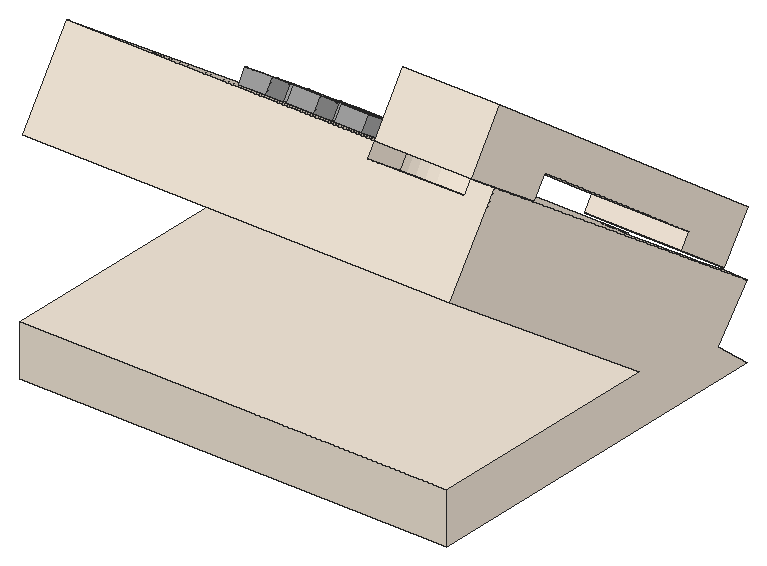
Revit family
Parameters
  Keynote = "N"
  Assembly Code = "D5030300"
Reference planes
  plane 1 "Center F/B": y = 158.496
  plane 2: z = 0
  plane 3 "Center L/R": x = -247.381
Forms (mm)
  Extrusion 1, solid, material "Plastic - White"
    sketch origin (-247.381, 0, 0) x (0, 1, 0) y (0, 0, 1)
      loop
        line (113.146, 0) -> (310.896, 0) -> (291.439, 16.327) -> (310.896, 39.515) -> (144.445, 156.066) -> (115.307, 114.453) -> (240.146, 27.04) -> (113.146, 27.04) -> (113.146, 0)
    from -112.713 to 112.713
  Extrusion 2, solid, material "Plastic - Gray, Dark"
    sketch origin (-134.1, 373.316, -4.191) x (-1, 0, 0) y (0, -0.819152, 0.573576)
      loop
        line (121.002, 127.545) -> (121.002, 113.152) -> (135.289, 113.152) -> (135.289, 127.545) -> (121.002, 127.545)
      loop
        line (146.402, 127.545) -> (146.402, 113.152) -> (160.689, 113.152) -> (160.689, 127.545) -> (146.402, 127.545)
      loop
        line (171.802, 127.545) -> (171.802, 113.152) -> (186.089, 113.152) -> (186.089, 127.545) -> (171.802, 127.545)
      loop
        line (121.002, 152.545) -> (121.002, 138.152) -> (135.289, 138.152) -> (135.289, 152.545) -> (121.002, 152.545)
      loop
        line (146.402, 152.545) -> (146.402, 138.152) -> (160.689, 138.152) -> (160.689, 152.545) -> (146.402, 152.545)
      loop
        line (171.802, 152.545) -> (171.802, 138.152) -> (186.089, 138.152) -> (186.089, 152.545) -> (171.802, 152.545)
      loop
        line (121.002, 177.545) -> (121.002, 163.152) -> (135.289, 163.152) -> (135.289, 177.545) -> (121.002, 177.545)
      loop
        line (146.402, 177.545) -> (146.402, 163.152) -> (160.689, 163.152) -> (160.689, 177.545) -> (146.402, 177.545)
      loop
        line (171.802, 177.545) -> (171.802, 163.152) -> (186.089, 163.152) -> (186.089, 177.545) -> (171.802, 177.545)
      loop
        line (121.002, 202.545) -> (121.002, 188.152) -> (135.289, 188.152) -> (135.289, 202.545) -> (121.002, 202.545)
      loop
        line (146.402, 202.545) -> (146.402, 188.152) -> (160.689, 188.152) -> (160.689, 202.545) -> (146.402, 202.545)
      loop
        line (171.802, 202.545) -> (171.802, 188.152) -> (186.089, 188.152) -> (186.089, 202.545) -> (171.802, 202.545)
    from 0 to 7.937
  Extrusion 3, void
    sketch origin (-134.669, 310.896, 39.515) x (-1, 0, 0) y (0, -0.819152, 0.573576)
      loop
        line (90.945, 179.516) -> (90.945, 154.116) -> (195.596, 154.116) -> (195.596, 179.516) -> (90.945, 179.516)
    from 0 to -7.938
  Extrusion 4, void
    sketch origin (-134.669, 310.896, 39.515) x (-1, 0, 0) y (0, -0.819152, 0.573576)
      loop
        line (12.275, 203.2) -> (12.275, 177.8)
        arc (12.275, 177.8) -> (37.675, 152.4) -> (63.075, 177.8) r 25.4
        line (63.075, 177.8) -> (63.075, 203.2) -> (12.275, 203.2)
    from 0 to -7.938
  Extrusion 5, void
    sketch origin (-134.669, 310.896, 39.515) x (-1, 0, 0) y (0, -0.819152, 0.573576)
      loop
        line (12.275, -2.565) -> (63.075, -2.565) -> (63.075, 19.05)
        arc (63.075, 19.05) -> (37.675, 37.57) -> (12.275, 19.05) r 26.678
        line (12.275, 19.05) -> (12.275, -2.565)
    from -7.938 to 0
  Extrusion 6, solid, material "Plastic - White"
    sketch origin (-247.381, 0.11, -2.387) x (0, 1, 0) y (0, 0, 1)
      loop
        line (185.405, 129.695) -> (192.686, 140.092) -> (287.552, 70.458) -> (282.532, 63.62) -> (310.313, 43.229) -> (326.301, 65.01) -> (162.889, 184.953) -> (144.334, 158.454) -> (185.405, 129.695)
    from 49.638 to 100.806
Cuts and joins
  Extrusion 3, Extrusion 4, Extrusion 5 cuts Extrusion 1
